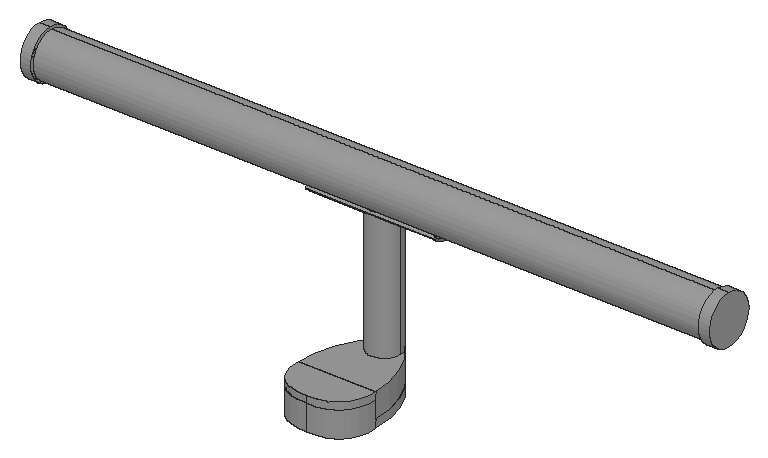
Revit family "0043235 Sylvania Lighting Fixture SYLMIRROR LED FLUTE IP44 WW Vertical mount", category Lighting Fixtures, host Face, Revit 2016
Family settings
  Host = Face
  Part Type = Normal
  Round Connector Dimension = Use Diameter
  OmniClass Number = 23.80.70.00
  OmniClass Title = Lighting
  Cut with Voids When Loaded = No
  Light Source = No
  Shared = No
  Room Calculation Point = No
Parameters (values of type "0043235 SYLMIRROR LED FLUTE IP44 WW Vertical mount")
  Weight = "0.606 kg"
  Wattage Comments = ""
  WarrantyStartDate [instance] = "n/a"
  WarrantyGuarantorParts = "n/a"
  WarrantyDurationUnit = "n/a"
  WarrantyDurationParts = "n/a"
  WarrantyDescription = "n/a"
  Voltage = 230 V
  URL = "http://www.sylvania-lighting.com"
  TypeName = "SYLMIRROR LED FLUTE IP44 WW Vertical mount"
  TypeHead_SYL = SylMirror LED Flute : 0043235 SylMirror LED Flute
  Type Image = <None>
  Type Comments = "n/a"
  SerialNumber [instance] = "n/a"
  Material_3_FEILO = none
  PowerFactor = 0
  PowerConsumption = "6 W"
  NominalLength = 400 mm
  NominalHeight = 52.6 mm
  NominalDepth = 115.3 mm
  Name = "SYLMIRROR LED FLUTE IP44 WW Vertical mount"
  ModelReference = Name  # "SYLMIRROR LED FLUTE IP44 WW Vertical mount"
  ModelNumber = "0043235"
  Model = Name  # "SYLMIRROR LED FLUTE IP44 WW Vertical mount"
  Material = "pc housing, pc diffuser"
  ManufacturerName = "Feilo Sylvania"
  Manufacturer = "Feilo Sylvania"
  LuminousEfficacy = "90 lm/W"
  LuminaireType = ""
  LightOutputRatio = "100"
  LampsType = Lamp  # "LED"
  LampNominalLuminous = "540 lm"
  LampMacAdamStep = "6"
  LampColourTemperature = "3000 K"
  LampColourRenderingIndex = "80"
  Lamp = "LED"
  Keynote = "16500"
  InstallationDate [instance] = "n/a"
  InputVoltage = "220-240V~"
  InputNominalFrequency = "50/60 Hz"
  IngressProtection = "IP44"
  ImpactProtectionIndex = "IK03"
  IfcExportType = "IfcLightFixtureType"
  IfcExportAs = "IfcLightFixtureType"
  ExpectedLife = 50000
  ElectricShockClassification = "Class II"
  DurationUnit = "hours"
  DocumentationLiterature = "http://www.sylvania-lighting.com/product/en-int/products/0043235"
  DimmingControlOptions = "n/a"
  Material_2_FEILO = Base-Sylvania-SylMirror
  Description = ""
  Default Elevation = 1219.2 mm
  CreatedOn = "7/17/2018"
  CreatedBy = "@sylvania-lighting.com"
  Cost = 0
  built-in parameter 1114216 [instance] = (empty or 0)
  ClassificationValue = "EF_70_80"
  ClassificationName = "Uniclass2015"
  Material_1_FEILO = BaseTop-Sylvania-SylMirror
  BarCode [instance] = "n/a"
  AssetType = "Fixed"
  AssetIdentifier [instance] = "n/a"
  Assembly Code = "D5020200"
  Apparent Load = 6 VA
  Material_4_FEILO = none
Reference planes
  plane 1 "Center (Front/Back)": y = 0
  plane 2: z = 0
  plane 3 "Center (Left/Right)": x = 0
  plane 4: z = 5
  plane 5: z = 0
  plane 6: z = 19
  plane 7: y = -10
  plane 8: x = 24
  plane 9: x = -24
  plane 10: y = 30
  plane 11: x = -22.5
  plane 12: x = 22.5
  plane 13: z = 15
  plane 14: y = -15
Forms (mm)
  Extrusion 1, solid, material "Base-Sylvania-SylMirror" <- "Material_2_FEILO"
    sketch origin (0, 0, 0) x (1, 0, 0) y (0, 1, 0)
      loop
        spline (-22.5, -10) -> (-22.344, -13.58) -> (-21.875, -16.849) -> (-21.094, -19.806) -> (-20, -22.452) -> (-18.594, -24.787) -> (-16.875, -26.81) -> (-14.844, -28.522) -> (-12.5, -29.923) -> (-9.844, -31.013) -> (-6.875, -31.791) -> (-3.594, -32.258) -> (0, -32.414)
        spline (0, -32.414) -> (3.594, -32.258) -> (6.875, -31.791) -> (9.844, -31.013) -> (12.5, -29.923) -> (14.844, -28.522) -> (16.875, -26.81) -> (18.594, -24.787) -> (20, -22.452) -> (21.094, -19.806) -> (21.875, -16.849) -> (22.344, -13.58) -> (22.5, -10)
        spline (22.5, -10) -> (22.41, -6.084) -> (22.14, -2.321) -> (21.691, 1.289) -> (21.062, 4.746) -> (20.253, 8.051) -> (19.264, 11.202) -> (18.095, 14.2) -> (16.747, 17.046) -> (15.219, 19.738) -> (13.511, 22.278) -> (11.624, 24.665) -> (9.556, 26.899)
        line (9.556, 26.899) -> (-9.556, 26.899)
        spline (-9.556, 26.899) -> (-11.624, 24.665) -> (-13.511, 22.278) -> (-15.219, 19.738) -> (-16.747, 17.046) -> (-18.095, 14.2) -> (-19.264, 11.202) -> (-20.253, 8.051) -> (-21.062, 4.746) -> (-21.691, 1.289) -> (-22.14, -2.321) -> (-22.41, -6.084) -> (-22.5, -10)
    from 0 to 15
  Extrusion 2, void
    sketch origin (1223.4, -4572, 5) x (-1, 0, 0) y (0, -1, 0)
      loop
        line (1247.4, -4602.37) -> (1247.4, -4562) -> (1199.4, -4562) -> (1199.4, -4602.37) -> (1247.4, -4602.37)
    from 0 to 14
  Extrusion 3, solid, material "BaseTop-Sylvania-SylMirror" <- "Material_1_FEILO"
    sketch origin (1223.4, -4572, 15) x (0, -1, 0) y (-1, 0, 0)
      loop
        spline (-4539.586, 1223.4) -> (-4539.742, 1226.994) -> (-4540.209, 1230.275) -> (-4540.987, 1233.244) -> (-4542.077, 1235.9) -> (-4543.478, 1238.244) -> (-4545.19, 1240.275) -> (-4547.213, 1241.994) -> (-4549.548, 1243.4) -> (-4552.194, 1244.494) -> (-4555.151, 1245.275) -> (-4558.42, 1245.744) -> (-4562, 1245.9)
        line (-4562, 1245.9) -> (-4562, 1200.9)
        spline (-4562, 1200.9) -> (-4558.42, 1201.056) -> (-4555.151, 1201.525) -> (-4552.194, 1202.306) -> (-4549.548, 1203.4) -> (-4547.213, 1204.806) -> (-4545.19, 1206.525) -> (-4543.478, 1208.556) -> (-4542.077, 1210.9) -> (-4540.987, 1213.556) -> (-4540.209, 1216.525) -> (-4539.742, 1219.806) -> (-4539.586, 1223.4)
    from 0 to -4
Cuts and joins
  Extrusion 2 cuts Extrusion 1
Dimensions and locks
  locked: plane 4 to plane 2 at 5
  locked: plane 6 to plane 4 at 14
  locked: plane 7 to plane 1 "Center (Front/Back)" at 10
  locked: plane 7 to plane 10 at 40
  plane 9 to plane 3 "Center (Left/Right)" to plane 8 = 24 mm locked, 24 mm locked
  locked: plane 6 to plane 13 at 4
  locked: plane 14 to plane 7 at 5
  aligned and locked: plane 2 to host face
  aligned and locked: level to host face
  aligned and locked: Extrusion 1 to level
  aligned and locked: plane 9 to Extrusion 2 sketch curve
  aligned and locked: Extrusion 2 sketch curve to plane 7
  aligned and locked: Extrusion 2 sketch curve to plane 8
  aligned and locked: Extrusion 2 to plane 6
  aligned and locked: plane 4 to Extrusion 2
  aligned and locked: Extrusion 1 to plane 13
  aligned and locked: Extrusion 3 sketch curve to cut or joined group of Extrusion 1, Extrusion 2
  aligned and locked: Extrusion 3 to plane 6
  aligned and locked: Extrusion 3 to cut or joined group of Extrusion 1, Extrusion 2
  aligned and locked: plane 3 "Center (Left/Right)" to nested 1
  aligned and locked: plane 4 to nested 1
Nested families
  nested 1: "SylMirror LED Flute" at (0, -10, 12) x (1, 0, 0) z (0, 1, 0), type <- "TypeHead_SYL", type "0043235 SylMirror LED Flute"
    with built-in parameter 1114216 (empty or 0)
Connectors
  electrical at (0, 0, 0), driven by "Apparent Load", driven by "PowerFactor", driven by "Voltage"
    settings: index 1, voltage 230 V, apparent load 6 VA, apparent load phase1 0 VA, apparent load phase2 0 VA, apparent load phase3 0 VA, power factor 0, load classification "Lighting", number of poles 1, system type 30, power factor state 1, is connector primary yes, connector utility no, sub classification motor no, connector description ""
Definition of nested family "SylMirror LED Flute"
  Parameters (values of type "0043210 SylMirror LED Flute")
    Wattage Comments = ""
    Wattage = 6 W
    built-in parameter 1150110 = 1 (stored number, unit not read)
    URL = "http://www.feilosylvania.com"
    Type Image = (empty or 0)
    Type Comments = "n/a"
    built-in parameter 1114217 = 1 (stored number, unit not read)
    Tilt Angle = -90.00°
    built-in parameter 1150109 = 1 (stored number, unit not read)
    built-in parameter 1150134 = 12
    built-in parameter 1150113 = 1 (stored number, unit not read)
    Photometric Web File = "0043210.IES"
    built-in parameter 1150142 = "﻿IESNA:LM-63-1995\r\n[TEST] 197208\r\n[DATE] 2017/9/27\r\n[MANUFAC] Feilo Sylvania\r\n[LUMCAT] W400S26-1  chorme 4000K\r\n[LUMINAIRE] \r\n[LAMPCAT] \r\n[LAMP] \r\nTILT=NONE\r\n1 -1 1.0 37 13 1 2 0.026 0.390 0.010\r\n1 1 5.939\r\n0.0 5.0 10.0 15.0 20.0 25.0 30.0 35.0 40.0 45.0 50.0 55.0 60.0 65.0 70.0 75.0 80.0 85.0 90.0 95.0 100.0 105.0 110.0 115.0 120.0 125.0 130.0 135.0 140.0 145.0 150.0 155.0 160.0 165.0 170.0 175.0 180.0\r\n0.0 15.0 30.0 45.0 60.0 75.0 90.0 105.0 120.0 135.0 150.0 165.0 180.0 \r\n103.374 104.863 107.694 105.757 103.523 101.735 100.395 99.948 96.820 94.139 92.053 89.372 87.138 84.010 80.882 77.456 74.924 70.604 65.093 62.263 59.284 50.942 0.149 37.387 42.303 41.260 37.238 23.684 0.149 0.894 13.555 16.087 12.810 8.937 2.830 0.447 \r\n0.000\r\n105.459 103.672 104.268 103.225 102.331 100.842 99.203 96.969 94.586 93.692 91.011 86.691 83.414 81.478 77.009 75.520 70.753 66.582 64.199 59.730 56.900 40.813 0.596 43.643 40.962 38.132 34.557 15.640 0.298 2.532 14.597 15.938 12.959 7.746 4.320 1.787 \r\n0.000\r\n106.204 105.310 105.906 103.523 102.629 99.203 97.714 93.841 91.607 88.032 83.861 79.690 77.605 72.689 68.370 65.093 62.263 59.879 55.411 53.325 46.920 15.789 8.044 38.281 36.196 32.621 26.365 0.000 0.894 11.469 16.683 13.406 8.937 7.746 5.064 1.192 0.447\r\n106.204 107.396 105.608 104.417 100.544 97.714 93.543 90.266 85.797 80.286 75.817 71.498 67.327 61.667 57.049 54.368 49.304 46.474 44.388 38.877 33.961 0.149 30.536 29.940 27.854 21.151 0.447 0.596 13.853 15.342 12.065 11.023 8.639 5.809 4.469 1.192 0.298\r\n105.012 105.161 104.417 102.629 99.054 93.990 89.372 83.265 78.797 74.626 67.774 60.624 56.156 49.155 44.537 38.728 34.408 30.387 28.450 24.131 0.894 17.428 21.002 17.725 0.894 2.234 12.810 14.449 12.959 10.576 8.788 7.895 5.809 5.660 1.787 1.341 0.000\r\n105.012 103.374 102.331 100.246 96.522 91.011 85.351 80.435 74.179 65.689 59.135 52.581 44.239 37.834 30.536 24.131 18.023 15.491 12.065 9.980 4.171 4.767 6.107 8.639 7.150 7.001 7.895 8.937 8.192 4.915 3.724 4.320 4.618 2.085 1.787 0.149 0.894\r\n103.970 103.374 103.076 97.714 96.820 90.564 84.904 78.052 71.200 62.858 57.794 48.559 42.005 31.578 26.216 17.874 9.235 4.767 0.000 0.894 2.681 0.000 0.000 0.000 1.490 0.000 0.000 0.894 0.596 1.192 0.000 0.000 0.000 0.000 0.000 0.894 0.894\r\n105.012 103.374 102.331 100.246 96.522 91.011 85.351 80.435 74.179 65.689 59.135 52.581 44.239 37.834 30.536 24.131 18.023 15.491 12.065 9.980 4.171 4.767 6.107 8.639 7.150 7.001 7.895 8.937 8.192 4.915 3.724 4.320 4.618 2.085 1.787 0.149 0.894\r\n105.012 105.161 104.417 102.629 99.054 93.990 89.372 83.265 78.797 74.626 67.774 60.624 56.156 49.155 44.537 38.728 34.408 30.387 28.450 24.131 0.894 17.428 21.002 17.725 0.894 2.234 12.810 14.449 12.959 10.576 8.788 7.895 5.809 5.660 1.787 1.341 0.000\r\n106.204 107.396 105.608 104.417 100.544 97.714 93.543 90.266 85.797 80.286 75.817 71.498 67.327 61.667 57.049 54.368 49.304 46.474 44.388 38.877 33.961 0.149 30.536 29.940 27.854 21.151 0.447 0.596 13.853 15.342 12.065 11.023 8.639 5.809 4.469 1.192 0.298\r\n106.204 105.310 105.906 103.523 102.629 99.203 97.714 93.841 91.607 88.032 83.861 79.690 77.605 72.689 68.370 65.093 62.263 59.879 55.411 53.325 46.920 15.789 8.044 38.281 36.196 32.621 26.365 0.000 0.894 11.469 16.683 13.406 8.937 7.746 5.064 1.192 0.447\r\n105.459 103.672 104.268 103.225 102.331 100.842 99.203 96.969 94.586 93.692 91.011 86.691 83.414 81.478 77.009 75.520 70.753 66.582 64.199 59.730 56.900 40.813 0.596 43.643 40.962 38.132 34.557 15.640 0.298 2.532 14.597 15.938 12.959 7.746 4.320 1.787 \r\n0.000\r\n103.374 104.863 107.694 105.757 103.523 101.735 100.395 99.948 96.820 94.139 92.053 89.372 87.138 84.010 80.882 77.456 74.924 70.604 65.093 62.263 59.284 50.942 0.149 37.387 42.303 41.260 37.238 23.684 0.149 0.894 13.555 16.087 12.810 8.937 2.830 0.447 \r\n0.000\r\n"
    Material_3_SYL = none
    Model = ""
    Manufacturer = "Feilo Sylvania"
    built-in parameter 1150105 = 42.972 (stored number, unit not read)
    Lumens = 540 lm
    built-in parameter 1150115 = 1 (stored number, unit not read)
    built-in parameter 1150137 = (empty or 0)
    built-in parameter 1150139 = (empty or 0)
    built-in parameter 1150112 = 1 (stored number, unit not read)
    built-in parameter 1150114 = 1 (stored number, unit not read)
    Lamp = ""
    Keynote = "16500"
    Material_2_SYL = none
    built-in parameter 1150132 = (empty or 0)
    built-in parameter 1150102 = (empty or 0)
    built-in parameter 1150107 = 4000 (stored number, unit not read)
    built-in parameter 1150138 = (empty or 0)
    built-in parameter 1150106 = 0.42972 (stored number, unit not read)
    Emit from Rectangle Width = 388 mm
    Emit from Rectangle Length = 20 mm
    Emit Shape Visible in Rendering = no
    built-in parameter 1150104 = 8.3613 (stored number, unit not read)
    Dimming Lamp Color Temperature Shift = (empty or 0)
    Description = ""
    Default Elevation = 1219.2 mm
    Cost = 0
    Color Filter = 16777215
    built-in parameter 1114216 [instance] = (empty or 0)
    ClassificationValue_old = "EF_70_80"
    ClassificationName_old = "Uniclass2015"
    Material_1_SYL = none
    built-in parameter 1114218 = 1 (stored number, unit not read)
    built-in parameter 1150133 = 10 (stored number, unit not read)
    Assembly Code = "D5020200"
    Apparent Load = 6 VA
    Material_4_SYL = none
  Types (2, lengths in mm): name | built-in parameter 1150134 | Photometric Web File | built-in parameter 1150107
    0043210 SylMirror LED Flute | 12 | "0043210.IES" | 4000 (stored number, unit not read)
    0043235 SylMirror LED Flute | (empty or 0) | "0043235.IES" | 3000 (stored number, unit not read)
  Reference planes
    plane 1 "Center (Front/Back)": y = 0
    plane 2: z = 0
    plane 3 "Center (Left/Right)": x = 0
    plane 4: x = 200
    plane 5: x = -200
    plane 6: y = 7
    plane 7: y = -7
    plane 8: y = -106
    plane 9: y = -91.9
    plane 10: z = 34
    plane 11: z = 43.5
    plane 12: z = 24.5
    plane 13: z = 47
    plane 14: z = 21
    plane 15: z = 48.1
    plane 16: z = 19.9
    plane 17: y = -104.9
    plane 18: x = 193.7
    plane 19: x = -193.7
    plane 20: x = 22.5
    plane 21: x = -22.5
    plane 22: z = 40.5
    plane 23: y = -58.5
    plane 24: x = 37.5
    plane 25: x = -37.5
    plane 26: y = -76.9
    plane 27: y = -78.9
    plane 28: y = -82.9
  Forms (mm)
    Extrusion 1, solid
      sketch origin (4.2, 0, 0) x (1, 0, 0) y (0, 1, 0)
        loop
          line (-1219.2, 1219.2) -> (-1219.2, -1219.2) -> (1219.2, -1219.2) -> (1219.2, 1219.2) -> (-1219.2, 1219.2)
      from 0 to -68.017
    Extrusion 2, solid, material <- "Material_1_SYL"
      sketch origin (1524, -7, 1219.2) x (1, 0, 0) y (0, 0, 1)
        loop
          line (-1546.5, -1219.2) -> (-1501.5, -1219.2)
          arc (-1501.5, -1219.2) -> (-1505.527, -1197.505) -> (-1517.072, -1178.7) r 60.453
          arc (-1517.072, -1178.7) -> (-1524, -1175.7) -> (-1530.928, -1178.7) r 9.5
          arc (-1530.928, -1178.7) -> (-1542.473, -1197.505) -> (-1546.5, -1219.2) r 60.453
      from 0 to -14
    Extrusion 3, solid, material <- "Material_2_SYL"
      sketch origin (0, 0, 0) x (0, 1, 0) y (0, 0, 1)
        loop
          circle (-91.9, 34) r 13
      from -193.7 to 193.7
    Extrusion 4, solid, material <- "Material_1_SYL"
      sketch origin (-200, 1524, 1219.2) x (0, 1, 0) y (0, 0, 1)
        loop
          circle (-1615.9, -1185.2) r 14.1
      from 0 to 6.3
    Extrusion 5, solid, material <- "Material_1_SYL"
      sketch origin (200, 1524, 1219.2) x (0, 1, 0) y (0, 0, 1)
        loop
          circle (-1615.9, -1185.2) r 14.1
      from 0 to -6.3
    Extrusion 6, solid, material <- "Material_1_SYL"
      sketch origin (1524, -7, 1219.2) x (1, 0, 0) y (0, 0, 1)
        loop
          circle (-1524, -1185.2) r 9.5
      from 0 to 75.9
    Revolve 7, solid, material <- "Material_1_SYL"
      sketch origin (0, 1219.825, 34) x (1, 0, 0) y (0, 1, 0)
        loop
          arc (-36.5, -1296.725) -> (-37.207, -1297.018) -> (-37.5, -1297.725) r 1
          line (-37.5, -1297.725) -> (-37.5, -1298.725) -> (37.5, -1298.725) -> (37.5, -1297.725)
          arc (37.5, -1297.725) -> (37.207, -1297.018) -> (36.5, -1296.725) r 1
          line (36.5, -1296.725) -> (-36.5, -1296.725)
        axis (37.5, -1311.725) -> (-37.5, -1311.725)
      angle from -45 to 45
  Cuts and joins
    joined: Extrusion 6, Revolve 7
  Lines and regions (mm)
    reference lines
      curve 1: circle (0, -7, 34) r 9.5 normal (0, -1, 0)
  Dimensions and locks
    plane 7 to plane 1 "Center (Front/Back)" to plane 6 = 7 mm locked, 7 mm locked
    plane 5 to plane 3 "Center (Left/Right)" to plane 4 = 200 mm locked, 200 mm locked
    equal spacing: plane 7, plane 1 "Center (Front/Back)", plane 6
    plane 7 to plane 6 = 14 mm
    locked: plane 8 to plane 6 at 113
    locked: plane 8 to plane 9 at 14.1
    locked: plane 10 to level at 34
    equal spacing: plane 14, plane 10, plane 13
    locked: plane 14 to plane 13 at 26
    equal spacing: plane 12, plane 10, plane 11
    locked: plane 12 to plane 11 at 19
    equal spacing: plane 16, plane 10, plane 15
    locked: plane 16 to plane 15 at 28.2
    locked: plane 8 to plane 17 at 1.1
    plane 5 to plane 4 = 400 mm
    locked: plane 5 to plane 19 at 6.3
    equal spacing: plane 19, plane 3 "Center (Left/Right)", plane 18
    plane 20 to plane 3 "Center (Left/Right)" to plane 21 = 22.5 mm locked, 22.5 mm locked
    locked: plane 11 to plane 22 at 3
    locked: plane 23 to plane 7 at 51.5
    plane 24 to plane 3 "Center (Left/Right)" to plane 25 = 37.5 mm locked, 37.5 mm locked
    locked: plane 9 to plane 26 at 15
    locked: plane 27 to plane 26 at 2
    locked: Revolve 7 sketch curve to plane 24 at 1
    locked: Revolve 7 sketch curve to plane 26 at 1  (x2)
    locked: plane 25 to Revolve 7 sketch curve at 1
    locked: plane 9 to plane 28 at 9
    aligned and locked: plane 2 to Extrusion 1
    aligned and locked: level to Extrusion 1
    aligned and locked: plane 3 "Center (Left/Right)" to curve 1
    aligned and locked: plane 10 to curve 1
    aligned and locked: plane 22 to Extrusion 2 sketch curve
    aligned and locked: plane 2 to Extrusion 2 sketch curve
    aligned and locked: Extrusion 2 to plane 6
    aligned and locked: plane 7 to Extrusion 2
    aligned and locked: plane 9 to Extrusion 3 sketch curve
    aligned and locked: plane 10 to Extrusion 3 sketch curve
    aligned and locked: plane 18 to Extrusion 3
    aligned and locked: Extrusion 3 to plane 19
    aligned and locked: plane 9 to Extrusion 4 sketch curve
    aligned and locked: plane 10 to Extrusion 4 sketch curve
    aligned and locked: plane 19 to Extrusion 4
    aligned and locked: Extrusion 4 to plane 5
    aligned and locked: Extrusion 5 sketch curve to Extrusion 4  (x2)
    aligned and locked: Extrusion 5 to plane 18
    aligned and locked: plane 4 to Extrusion 5
    aligned and locked: Extrusion 6 sketch curve to curve 1
    aligned and locked: Extrusion 6 to plane 7
    aligned and locked: plane 26 to Revolve 7 sketch curve
    aligned and locked: plane 25 to Revolve 7 sketch curve
    aligned and locked: Revolve 7 sketch curve to plane 27
    aligned and locked: Revolve 7 sketch curve to plane 24
    aligned and locked: Revolve 7 sketch curve to plane 9
    aligned and locked: plane 28 to Extrusion 6
    aligned and locked: plane 3 "Center (Left/Right)" to imposter light
    aligned and locked: plane 10 to imposter light
  Automatic sketch dimensions
    Extrusion 1 sketch curve to Extrusion 1 sketch curve = 2438.4 mm  (x2)
    Extrusion 2 sketch curve to plane 21 = 0 mm
    Extrusion 2 sketch curve to plane 3 "Center (Left/Right)" = 0 mm
    Extrusion 2 sketch curve to plane 22 = 0 mm
    Extrusion 2 sketch curve to plane 20 = 0 mm
    Extrusion 2 sketch curve to plane 10 = 0 mm
    Extrusion 2 sketch curve to Extrusion 2 sketch curve = 15.453 mm
    Revolve 7 sketch curve to plane 5 = 1334.635 mm
    plane 4 to Revolve 7 sketch curve = 1459.773 mm
    radius of curve 1 = 9.5 mm
    radius of Extrusion 3 sketch curve = 13 mm
    radius of Extrusion 4 sketch curve = 14.1 mm
